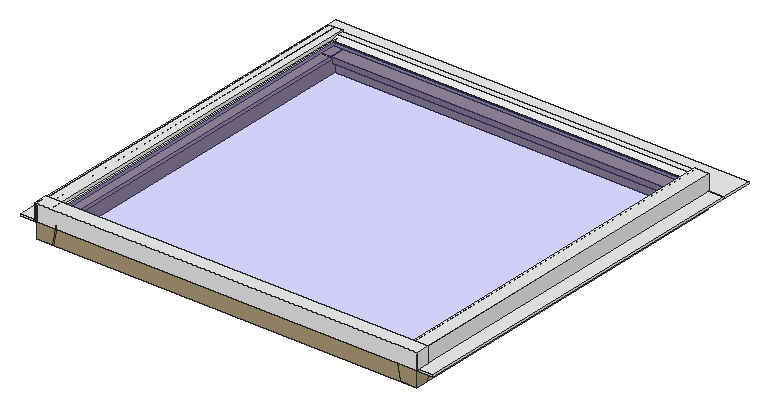
Revit family "Skylight_Fakro_FX", category Generic Models, host Roof, Revit 2026
Family settings
  Host = Roof
  Can host rebar = No
  Round Connector Dimension = Use Diameter
  Part Type = Normal
  Classification Number = 23.30.30.14
  Always vertical = No
  Cut with Voids When Loaded = No
  Maintain Annotation Orientation = No
  Shared = No
  Room Calculation Point = No
Parameters (values of type "48x46")
  Warranty Duration (Years) = 0
  Unit Width = 1232 mm
  Unit Height = 1178 mm
  URL = "http://www.fakrousa.com/"
  Type Comments = ""
  Test Data = ""
  Specification = ""
  SpecWizard = ""
  Side Length = Unit Height + 2 mm  # 1180 mm
  Sales Information = "http://www.fakrousa.com/our-dealers/"
  Roof Angle [instance] = 45.00°
  Revision = "R1_2016-01"
  Product Properties = ""
  Product Data = "http://www.fakrousa.com/our-products/offer/skylights/fx/"
  Model = "FX"
  Manufacturer Website = "http://www.fakrousa.com/"
  Manufacturer Phone - Toll Free = ""
  Manufacturer Phone = "630-543-1010"
  Manufacturer Fax = "630-543-1011"
  Manufacturer Address = "\"39 W. Factory Rd., Addison, IL 60101\""
  Manufacturer = "Fakro USA"
  Maintenance Schedule (Months) = 0
  Keynote = "08 62 00"
  Kaptur width = Unit Width + 4 mm  # 1236 mm
  Installation-Fabrication = ""
  Installation Phase = ""
  Green Building-LEED = ""
  Expected Lifespan (Years) = 0
  Drawn By = ""
  Description = "Fakro FX Skylight - 48x46"
  Default Elevation = 0 mm
  Cost = 0
  Copyright = "\"ï¿½ 2015 ARCAT, Inc.\""
  Construction Details = ""
  Building Codes = ""
  Assembly Code = "B3020110"
Types (11, lengths in mm): name | Unit Width | Unit Height | Side Length | Kaptur width | Description
  48x46 | 1232 | 1178 | 1180 | 1236 | "Fakro FX Skylight - 48x46"
  48x27 | 1232 | 699 | 701 | 1236 | "Fakro FX Skylight - 48x27"
  32x55 | 826 | 1397 | 1399 | 830 | "Fakro FX Skylight - 32x55"
  32x46 | 826 | 1178 | 1180 | 830 | "Fakro FX Skylight - 32x46"
  32x38 | 826 | 978 | 980 | 830 | "Fakro FX Skylight - 32x38"
  24x70 | 623 | 1797 | 1799 | 627 | "Fakro FX Skylight - 24x70"
  24x55 | 623 | 1397 | 1399 | 627 | "Fakro FX Skylight - 24x55"
  24x46 | 623 | 1178 | 1180 | 627 | "Fakro FX Skylight - 24x46"
  24x38 | 623 | 978 | 980 | 627 | "Fakro FX Skylight - 24x38"
  24x27 | 623 | 699 | 701 | 627 | "Fakro FX Skylight - 24x27"
  16x46 | 419 | 1178 | 1180 | 423 | "Fakro FX Skylight - 16x46"
Reference planes
  plane 1 "Środek (Przód/Tył)": y = 0
  plane 2 "Dach": z = 4000
  plane 3 "Środek (Lewa/Prawa)": x = 0
  plane 4: x = -616
  plane 5: x = 616
  plane 6: y = 589
  plane 7: y = -589
  plane 8: z = 4050
  plane 9: z = 4162
Forms (mm)
  Extrusion 1, void
    sketch origin (0, 0, 4000) x (1, 0, 0) y (0, 1, 0)
      loop
        line (-616, 589) -> (-616, -589) -> (616, -589) -> (616, 589) -> (-616, 589)
    from 50 to 150
  Extrusion 2, void
    sketch origin (0, 0, 0) x (0, 1, 0) y (0, 0, 1)
      loop
        line (639, 4000) -> (589, 4050) -> (-589, 4050) -> (-639, 4000) -> (639, 4000)
    from -616 to 616
  Sweep 3, solid, material "Sosna, zwyczajna"
    path origin (0, 0, 4000) x (1, 0, 0) y (0, -1, 0)
      loop
        line (-616, 589) -> (616, 589)
    profile origin (0, -589, 4000) x (0, 1, 0) y (0, 0, 1)
      loop
        line (0, 158) -> (0, 100) -> (40, 100) -> (53, 152) -> (53, 162) -> (30, 162) -> (30, 190.5) -> (14, 190.5) -> (14, 200) -> (0, 200) -> (0, 158)
  Sweep 4, solid, material "Sosna, zwyczajna"
    path origin (0, 0, 4000) x (1, 0, 0) y (0, 1, 0)
      loop
        line (-616, 589) -> (616, 589)
    profile origin (0, 589, 4000) x (0, 1, 0) y (0, 0, 1)
      loop
        line (-15, 162) -> (-67, 162) -> (-57, 138) -> (-45, 138) -> (-35.5, 100) -> (0, 100) -> (0, 162) -> (0, 197.5) -> (-15, 197.5) -> (-15, 162)
  Sweep 5, solid, material "Sosna, zwyczajna"
    path origin (0, 0, 4000) x (1, 0, 0) y (0, 1, 0)
      loop
        line (-616, 589) -> (-616, -589)
    profile origin (-616, 0, 4000) x (1, 0, 0) y (0, 0, 1)
      loop
        line (0, 200) -> (0, 100) -> (53, 100) -> (63, 151) -> (63, 162) -> (34, 162) -> (34, 190.5) -> (19, 190.5) -> (19, 200) -> (0, 200)
  Sweep 6, solid, material "Sosna, zwyczajna"
    path origin (0, 0, 4000) x (-1, 0, 0) y (0, 1, 0)
      loop
        line (-616, 589) -> (-616, -589)
    profile origin (616, 0, 4000) x (1, 0, 0) y (0, 0, 1)
      loop
        line (0, 200) -> (-19, 200) -> (-19, 190.5) -> (-34, 190.5) -> (-34, 162) -> (-63, 162) -> (-63, 151) -> (-53, 100) -> (0, 100) -> (0, 200)
  Sweep 7, solid, material "Aluminium"
    path origin (0, 0, 4000) x (1, 0, 0) y (0, 1, 0)
      loop
        line (597, 574) -> (597, -575) -> (-597, -575) -> (-597, 574)
    profile origin (597, -0.5, 4000) x (1, 0, 0) y (0, 0, 1)
      loop
        line (0, 190.5) -> (0, 197.5) -> (-2, 197.5) -> (-2, 193.5) -> (-18, 193.5) -> (-18, 197.5) -> (-24, 197.5) -> (-24, 195.5) -> (-20, 195.5) -> (-20, 193.5) -> (-34, 193.5) -> (-34, 190.5) -> (0, 190.5)
  Sweep 8, solid, material "Aluminium"
    path origin (0, 0, 4000) x (1, 0, 0) y (0, 1, 0)
      loop
        line (-616, 589) -> (616, 589)
    profile origin (0, 589, 4000) x (0, 1, 0) y (0, 0, 1)
      loop
        line (0, 150) -> (2, 150) -> (2, 200) -> (-20.63, 200) -> (-40.541, 192.434) -> (-40, 190.5) -> (-20.263, 198) -> (0, 198) -> (0, 150)
  Extrusion 9, solid, material "Aluminium"
    sketch origin (0, 0, 4000) x (1, 0, 0) y (0, 1, 0)
      loop
        line (-618, 589) -> (-668, 589) -> (-668, -591) -> (-618, -591) -> (-618, 589)
    from 150 to 155
  Extrusion 10, solid, material "Aluminium"
    sketch origin (0, 0, 4000) x (-1, 0, 0) y (0, -1, 0)
      loop
        line (-618, -589) -> (-618, 591) -> (-668, 591) -> (-668, -589) -> (-618, -589)
    from 150 to 155
  Extrusion 11, solid, material "Aluminium"
    sketch origin (0, 0, 4000) x (1, 0, 0) y (0, 1, 0)
      loop
        line (-668, 589) -> (668, 589) -> (668, 689) -> (-668, 689) -> (-668, 589)
    from 150 to 155
  Extrusion 12, solid, material "Szkło"
    sketch origin (0, 0, 0) x (1, 0, 0) y (0, 0, 1)
      loop
        line (-582, 4190.5) -> (-582, 4162) -> (582, 4162) -> (582, 4190.5) -> (-582, 4190.5)
    from -574 to 559
Lines and regions (mm)
  reference lines
    curve 1: line (0, 589, 4050) -> (0, 739, 3900)
    curve 2: line (0, -589, 4050) -> (0, -739, 3900)
Dimensions and locks
  equal spacing: host sketch curve, plane 3 "Środek (Lewa/Prawa)", host sketch curve
  equal spacing: host sketch curve, plane 1 "Środek (Przód/Tył)", host sketch curve
  equal spacing: plane 4, plane 3 "Środek (Lewa/Prawa)", plane 5
  "Unit Width": plane 4 to plane 5
  equal spacing: plane 6, plane 1 "Środek (Przód/Tył)", plane 7
  "Unit Height": plane 6 to plane 7
  locked: host roof to plane 8 at 100
  locked: plane 9 to host roof at 12
  locked: plane 9 to Sweep 3 at 38
  locked: Extrusion 10 to host roof at 5
  locked: Extrusion 9 to host roof at 5
  locked: Extrusion 11 to host roof at 5
  locked: Extrusion 11 to plane 6 at 100
  locked: plane 7 to Sweep 3 at 30
  locked: Sweep 4 to plane 6 at 15
  "Roof Angle": angle plane 7 to curve 2
  "Roof Angle": angle plane 8 to curve 1
  aligned and locked: level to plane 2 "Dach"
  aligned and locked: plane 8 to curve 1
  aligned and locked: plane 6 to curve 1
  aligned and locked: plane 7 to curve 2
  aligned and locked: plane 8 to curve 2
  aligned and locked: Extrusion 1 sketch curve to plane 6
  aligned and locked: plane 4 to Extrusion 1 sketch curve
  aligned and locked: plane 7 to Extrusion 1 sketch curve
  aligned and locked: Extrusion 1 sketch curve to plane 5
  aligned and locked: plane 8 to Extrusion 1
  aligned and locked: host roof to Extrusion 1
  aligned and locked: host roof to Extrusion 2 sketch curve
  aligned and locked: Extrusion 2 sketch curve to curve 1
  aligned and locked: plane 8 to Extrusion 2 sketch curve
  aligned and locked: Extrusion 2 sketch curve to curve 2
  aligned and locked: plane 5 to Extrusion 2
  aligned and locked: Extrusion 2 to plane 4
  aligned and locked: plane 7 to Sweep 3 sketch curve
  aligned and locked: plane 4 to Sweep 4 sketch curve
  aligned and locked: plane 5 to Sweep 4 sketch curve
  aligned and locked: Sweep 4 sketch curve to plane 6  (x2)
  aligned and locked: plane 7 to Sweep 5 sketch curve
  aligned and locked: Sweep 5 sketch curve to plane 4
  aligned and locked: plane 6 to Sweep 5 sketch curve
  aligned and locked: plane 9 to Sweep 4 sketch curve
  aligned and locked: Sweep 3 sketch curve to plane 9
  aligned and locked: plane 9 to Sweep 5 sketch curve
  aligned and locked: Sweep 6 sketch curve to plane 9
  aligned and locked: Sweep 3 to Sweep 7 sketch curve
  aligned and locked: Sweep 5 to Sweep 7 sketch curve
  aligned and locked: host roof to Sweep 8 sketch curve
  aligned and locked: Sweep 7 to Sweep 5
  aligned and locked: host roof to Extrusion 10
  aligned and locked: host roof to Extrusion 9
  aligned and locked: Extrusion 11 to host roof
  aligned and locked: Extrusion 12 sketch curve to Sweep 5  (x2)
  aligned and locked: Extrusion 12 sketch curve to Sweep 6  (x2)
  aligned and locked: Extrusion 12 to Sweep 4
  aligned and locked: Extrusion 12 to Sweep 3
  aligned and locked: host roof to nested 1
  aligned and locked: Sweep 3 to nested 1
  aligned and locked: nested 2 to plane 7
  aligned and locked: Sweep 6 to nested 2
  aligned and locked: nested 3 to Sweep 5
  aligned and locked: nested 3 to host roof
  aligned and locked: host roof to nested 2
  aligned and locked: nested 3 to Sweep 3
Automatic sketch dimensions
  Sweep 3 sketch curve to plane 4 = 0 mm
  Sweep 3 sketch curve to plane 5 = 0 mm
  Sweep 3 sketch curve to plane 7 = 0 mm
  Sweep 3 sketch curve to profile plane = 14 mm
  Sweep 3 sketch curve to Sweep 3 sketch curve = 16 mm
  Sweep 3 sketch curve to profile plane = 40 mm
  Sweep 3 sketch curve to Sweep 3 sketch curve = 23 mm
  Sweep 3 sketch curve to Sweep 3 sketch curve = 4 mm
  Sweep 3 sketch curve to Sweep 3 sketch curve = 10 mm
  Sweep 3 sketch curve to Sweep 3 sketch curve = 52 mm
  Sweep 3 sketch curve to Sweep 3 sketch curve = 28.5 mm
  Sweep 3 sketch curve to Sweep 3 sketch curve = 9.5 mm
  profile plane to Sweep 4 sketch curve = 15 mm
  profile plane to Sweep 4 sketch curve = 35.5 mm
  Sweep 4 sketch curve to Sweep 4 sketch curve = 30 mm
  Sweep 4 sketch curve to Sweep 4 sketch curve = 12 mm
  Sweep 4 sketch curve to Sweep 4 sketch curve = 10 mm
  Sweep 4 sketch curve to Sweep 4 sketch curve = 24 mm
  Sweep 4 sketch curve to Sweep 4 sketch curve = 38 mm
  Sweep 4 sketch curve to Sweep 4 sketch curve = 0 mm
  Sweep 4 sketch curve to Sweep 4 sketch curve = 35.5 mm
  profile plane to Sweep 5 sketch curve = 0 mm
  Sweep 5 sketch curve to profile plane = 19 mm
  Sweep 5 sketch curve to Sweep 5 sketch curve = 15 mm
  Sweep 5 sketch curve to profile plane = 53 mm
  Sweep 5 sketch curve to Sweep 5 sketch curve = 29 mm
  Sweep 5 sketch curve to Sweep 5 sketch curve = 11 mm
  Sweep 5 sketch curve to Sweep 5 sketch curve = 62 mm
  Sweep 5 sketch curve to Sweep 5 sketch curve = 28.5 mm
  Sweep 5 sketch curve to Sweep 5 sketch curve = 9.5 mm
  Sweep 6 sketch curve to plane 5 = 0 mm
  Sweep 6 sketch curve to plane 7 = 0 mm
  Sweep 6 sketch curve to plane 6 = 0 mm
  profile plane to Sweep 6 sketch curve = 0 mm
  profile plane to Sweep 6 sketch curve = 19 mm
  Sweep 6 sketch curve to Sweep 6 sketch curve = 15 mm
  Sweep 6 sketch curve to Sweep 6 sketch curve = 53 mm
  Sweep 6 sketch curve to Sweep 6 sketch curve = 29 mm
  Sweep 6 sketch curve to Sweep 6 sketch curve = 11 mm
  Sweep 6 sketch curve to Sweep 6 sketch curve = 62 mm
  Sweep 6 sketch curve to Sweep 6 sketch curve = 28.5 mm
  Sweep 6 sketch curve to Sweep 6 sketch curve = 9.5 mm
  Sweep 7 sketch curve to plane 5 = 19 mm
  Sweep 7 sketch curve to plane 6 = 15 mm  (x2)
  profile plane to Sweep 7 sketch curve = 34 mm
  Sweep 7 sketch curve to Sweep 7 sketch curve = 10 mm
  Sweep 7 sketch curve to Sweep 7 sketch curve = 4 mm  (x2)
  Sweep 7 sketch curve to Sweep 7 sketch curve = 2 mm  (x3)
  profile plane to Sweep 7 sketch curve = 2 mm
  Sweep 7 sketch curve to profile plane = 0 mm
  level to Sweep 7 sketch curve = 190.5 mm
  Sweep 7 sketch curve to Sweep 7 sketch curve = 3 mm  (x2)
  Sweep 8 sketch curve to plane 6 = 0 mm
  Sweep 8 sketch curve to plane 4 = 0 mm
  plane 5 to Sweep 8 sketch curve = 0 mm
  Sweep 8 sketch curve to profile plane = 0 mm
  profile plane to Sweep 8 sketch curve = 20.263 mm
  Sweep 8 sketch curve to Sweep 8 sketch curve = 0.367 mm
  Sweep 8 sketch curve to Sweep 8 sketch curve = 19.737 mm
  Sweep 8 sketch curve to Sweep 8 sketch curve = 0.541 mm
  Sweep 8 sketch curve to profile plane = 2 mm
  Sweep 8 sketch curve to Sweep 8 sketch curve = 40.5 mm
  Sweep 8 sketch curve to Sweep 8 sketch curve = 1.934 mm
  Sweep 8 sketch curve to Sweep 8 sketch curve = 5.566 mm
  Sweep 8 sketch curve to Sweep 8 sketch curve = 2 mm
  Extrusion 9 sketch curve to plane 7 = 2 mm
  plane 6 to Extrusion 9 sketch curve = 0 mm
  Extrusion 9 sketch curve to plane 4 = 52 mm
  Extrusion 9 sketch curve to plane 4 = 2 mm
  plane 7 to Extrusion 10 sketch curve = 2 mm
  Extrusion 10 sketch curve to plane 6 = 0 mm
  Extrusion 10 sketch curve to plane 5 = 52 mm
  Extrusion 10 sketch curve to plane 5 = 2 mm
  Extrusion 11 sketch curve to plane 6 = 0 mm
  plane 4 to Extrusion 11 sketch curve = 52 mm
  Extrusion 11 sketch curve to plane 5 = 52 mm
  Extrusion 11 sketch curve to Extrusion 11 sketch curve = 100 mm
Nested families
  nested 1: "Head" at (0, -589, 4150), type "Rodzina4"
    with Kaptur width 1236 mm
  nested 2: "SideChannels" at (618, 91, 4150) x (0, 1, 0) z (0, 0, 1), type "Rodzina5"
    with Side width 1180 mm
  nested 3: "SideChannels" at (-618, 91, 4150) x (0, 1, 0) z (0, 0, 1), type "Rodzina5"
    with Side width 1180 mm
Definition of nested family "Head"
  Parameters (values of type "Rodzina4")
    Kaptur width = 1760 mm
    Default Elevation = 0 mm
  Reference planes
    plane 1 "Środek (Przód/Tył)": y = 0
    plane 2: z = 0
    plane 3 "Środek (Lewa/Prawa)": x = 0
    plane 4: x = -880
    plane 5: x = 880
  Forms (mm)
    Sweep 1, solid
      path origin (0, 0, 0) x (1, 0, 0) y (0, 1, 0)
        loop
          line (-880, 0) -> (880, 0)
      profile origin (0, 0, 0) x (0, 1, 0) y (0, 0, 1)
        loop
          line (0, 0) -> (2, 0) -> (2, 54) -> (-40, 54) -> (-40, 43.5) -> (-38, 43.5) -> (-38, 52) -> (0, 52) -> (0, 0)
    Extrusion 2, solid
      sketch origin (0, 0, 0) x (0, 1, 0) y (0, 0, 1)
        loop
          line (-40, 54) -> (-40, 0) -> (2, 0) -> (2, 54) -> (-40, 54)
      from 880 to 882
    Extrusion 3, solid
      sketch origin (0, 0, 0) x (0, 1, 0) y (0, 0, -1)
        loop
          line (-40, -54) -> (2, -54) -> (2, 0) -> (-40, 0) -> (-40, -54)
      from 880 to 882
  Cuts and joins
    joined: Sweep 1, Extrusion 2, Extrusion 3
  Dimensions and locks
    equal spacing: plane 4, plane 3 "Środek (Lewa/Prawa)", plane 5
    "Kaptur width": plane 4 to plane 5
    locked: Extrusion 2 to plane 5 at 2
    locked: plane 4 to Extrusion 3 at 2
    aligned and locked: level to plane 2
    aligned and locked: plane 1 "Środek (Przód/Tył)" to Sweep 1 sketch curve
    aligned and locked: Extrusion 2 sketch curve to Sweep 1  (x4)
    aligned and locked: Sweep 1 to Extrusion 2
    aligned and locked: plane 4 to Extrusion 3
  Automatic sketch dimensions
    Sweep 1 sketch curve to plane 4 = 0 mm
    Sweep 1 sketch curve to plane 5 = 0 mm
    Sweep 1 sketch curve to profile plane = 0 mm
    Sweep 1 sketch curve to level = 0 mm
    profile plane to Sweep 1 sketch curve = 38 mm
    Sweep 1 sketch curve to Sweep 1 sketch curve = 2 mm  (x2)
    Sweep 1 sketch curve to profile plane = 2 mm
    level to Sweep 1 sketch curve = 43.5 mm
    Sweep 1 sketch curve to Sweep 1 sketch curve = 8.5 mm
    Extrusion 3 sketch curve to level = 0 mm
    plane 1 "Środek (Przód/Tył)" to Extrusion 3 sketch curve = 40 mm
    Extrusion 3 sketch curve to plane 1 "Środek (Przód/Tył)" = 2 mm
    level to Extrusion 3 sketch curve = 54 mm
Definition of nested family "SideChannels"
  Parameters (values of type "Rodzina5")
    Side width = 1602 mm
    Default Elevation = 0 mm
  Reference planes
    plane 1 "Środek (Przód/Tył)": y = 0
    plane 2: z = 0
    plane 3 "Środek (Lewa/Prawa)": x = 0
    plane 4: x = -680
    plane 5: x = 922
  Forms (mm)
    Sweep 1, solid
      path origin (0, 0, 0) x (1, 0, 0) y (0, 1, 0)
        loop
          line (-680, 0) -> (922, 0)
      profile origin (121, 0, 0) x (0, 1, 0) y (0, 0, 1)
        loop
          line (-41, 43.5) -> (-41, 45.5) -> (-45, 45.5) -> (-45, 50) -> (-2, 50) -> (-2, 0) -> (0, 0) -> (0, 52) -> (-47, 52) -> (-47, 43.5) -> (-41, 43.5)
    Extrusion 2, solid
      sketch origin (0, 0, 0) x (0, 1, 0) y (0, 0, 1)
        loop
          line (-47, 52) -> (-47, 0) -> (0, 0) -> (0, 52) -> (-47, 52)
      from 922 to 924
  Cuts and joins
    joined: Sweep 1, Extrusion 2
  Dimensions and locks
    "Side width": plane 4 to plane 5
    locked: plane 5 to Extrusion 2 at 2
    aligned and locked: level to plane 2
    aligned and locked: Extrusion 2 sketch curve to Sweep 1  (x4)
    aligned and locked: plane 5 to Extrusion 2
  Automatic sketch dimensions
    plane 1 "Środek (Przód/Tył)" to Sweep 1 sketch curve = 0 mm
    Sweep 1 sketch curve to plane 4 = 0 mm
    Sweep 1 sketch curve to plane 5 = 0 mm
    profile plane to Sweep 1 sketch curve = 47 mm
    Sweep 1 sketch curve to Sweep 1 sketch curve = 2 mm  (x4)
    Sweep 1 sketch curve to Sweep 1 sketch curve = 4 mm
    Sweep 1 sketch curve to Sweep 1 sketch curve = 39 mm
    level to Sweep 1 sketch curve = 0 mm
    Sweep 1 sketch curve to Sweep 1 sketch curve = 43.5 mm
    Sweep 1 sketch curve to Sweep 1 sketch curve = 4.5 mm
